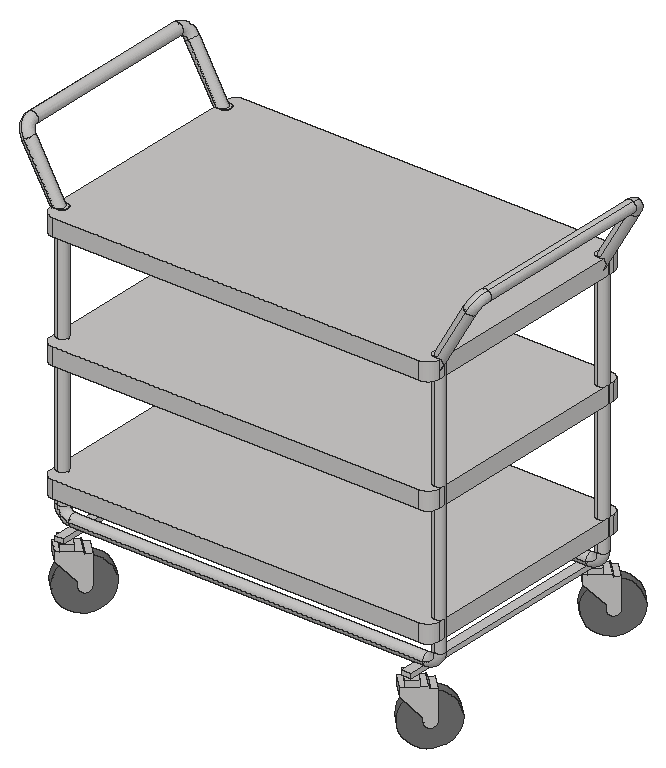
Revit family "QF_Vollrath_97168", category Specialty Equipment, Revit 2016
Family settings
  Part Type = Normal
  Round Connector Dimension = Use Diameter
  OmniClass Number = 23.40.40.14.17
  OmniClass Title = Food Cooking Equipment
  Work Plane-Based = No
  Always vertical = Yes
  Cut with Voids When Loaded = No
  Shared = No
  Room Calculation Point = No
Parameters (values of type "97168")
  Width [instance] = 40.50"
  Weight in Pounds = 730000
  Watermarked By = "http://revitwatermark.com"
  URL Cutsheet = ""
  URL = ""
  Status [instance] = ""
  Specification by User [instance] = ""
  Specification by Manufacturer [instance] = ""
  Serial Number [instance] = ""
  Seismic Rating [instance] = ""
  Revision Code [instance] = ""
  NAFEM Spec ID Number [instance] = ""
  Model = "97168"
  Masterspec = ""
  Manufacturer = "Vollrath"
  Item Number [instance] = "-"
  Installed By [instance] = ""
  Identify Quantity as Lot [instance] = no
  Furnished By [instance] = ""
  Foodservice Equipment Identifier [instance] = yes
  Description = "Cart, Utility"
  Depth [instance] = 21.00"
  CSI MasterFormat = "11 48 13"
  Assembly Code = "E1090320"
Reference planes (in)
  plane 1: z = 0
  plane 2 "LEFT": x = 0
  plane 3 "RIGHT": x = 40.5
  plane 4 "FRONT": y = -24.62
  plane 5 "BACK": y = -3.62
  plane 6 "TOP": z = 36.5
  plane 7: x = 3.8
  plane 8: x = 36.7
  plane 9: z = 5.6
  plane 10: z = 6
  plane 11: z = 8.7
  plane 12: z = 10.2
  plane 13: z = 29.2
  plane 14: z = 30.7
  plane 15: y = -14.12
  plane 16: y = -23.02
  plane 17: y = -5.22
  plane 18: x = 20.25
  plane 19: z = 19.1
  plane 20: z = 20.6
Forms (in)
  Sweep 1, solid, material "QF_Finishes_Stainless Steel"
    path origin (16.16378, -0.04782, 1.26776) x (0, 1, 0) y (0.493545, 0, -0.86972)
      loop
        line (-22.97218, -30.7) -> (-22.97218, -36.95172)
        arc (-22.97218, -36.95172) -> (-22.67928, -37.65883) -> (-21.97218, -37.95172) r 1
        line (-21.97218, -37.95172) -> (-6.17218, -37.95172)
        arc (-6.17218, -37.95172) -> (-5.46507, -37.65883) -> (-5.17218, -36.95172) r 1
        line (-5.17218, -36.95172) -> (-5.17218, -30.7)
    profile origin (-0.53081, -23.02, 30.6868) x (0, 1, 0) y (-0.86972, 0, -0.493545)
      loop
        circle (0, -3.5) r 0.5
  Extrusion 2, solid, material "QF_Finishes_Stainless Steel"
    sketch origin (1.26549, 0, 16.75) x (-1, 0, 0) y (0, -1, 0)
      loop
        line (-3.40691, 3.85981) -> (-3.40691, 24.75491) -> (-4.1621, 24.75491) -> (-4.1621, 3.85981) -> (-3.40691, 3.85981)
      loop
        line (-33.51979, 3.85981) -> (-33.51979, 24.62) -> (-34.36107, 24.62) -> (-34.36107, 3.85981) -> (-33.51979, 3.85981)
    from -11.15 to -10.75
  Sweep 3, solid, material "QF_Finishes_Stainless Steel"
    path origin (0.07416, -4.72, 0) x (1, 0, 0) y (0, 0, -1)
      loop
        line (3.8, -30.7) -> (3.8, -7.51983)
        arc (3.8, -7.51983) -> (4.09289, -6.81273) -> (4.8, -6.51983) r 1
        line (4.8, -6.51983) -> (35.7, -6.51983)
        arc (35.7, -6.51983) -> (36.40711, -6.81273) -> (36.7, -7.51983) r 1
        line (36.7, -7.51983) -> (36.7, -30.7)
    profile origin (3.87416, -4.72, 19.10992) x (0, 1, 0) y (-1, 0, 0)
      loop
        circle (-0.5, 0) r 0.5
  Extrusion 4, solid, material "QF_Finishes_Stainless Steel"
    sketch origin (0, 0, 16.75) x (-1, 0, 0) y (0, -1, 0)
      loop
        arc (-4.35971, 3.62) -> (-3.6526, 3.91289) -> (-3.35971, 4.62) r 1
        line (-3.35971, 4.62) -> (-3.35971, 23.62)
        arc (-3.35971, 23.62) -> (-3.6526, 24.32711) -> (-4.35971, 24.62) r 1
        line (-4.35971, 24.62) -> (-36.2901, 24.62)
        arc (-36.2901, 24.62) -> (-36.99721, 24.32711) -> (-37.2901, 23.62) r 1
        line (-37.2901, 23.62) -> (-37.2901, 4.62)
        arc (-37.2901, 4.62) -> (-36.99721, 3.91289) -> (-36.2901, 3.62) r 1
        line (-36.2901, 3.62) -> (-4.35971, 3.62)
    from -8.05 to -6.55
  Extrusion 5, solid, material "QF_Finishes_Stainless Steel"
    sketch origin (0, 0, 37.25) x (-1, 0, 0) y (0, -1, 0)
      loop
        arc (-4.35971, 3.62) -> (-3.6526, 3.91289) -> (-3.35971, 4.62) r 1
        line (-3.35971, 4.62) -> (-3.35971, 23.62)
        arc (-3.35971, 23.62) -> (-3.6526, 24.32711) -> (-4.35971, 24.62) r 1
        line (-4.35971, 24.62) -> (-36.2901, 24.62)
        arc (-36.2901, 24.62) -> (-36.99721, 24.32711) -> (-37.2901, 23.62) r 1
        line (-37.2901, 23.62) -> (-37.2901, 4.62)
        arc (-37.2901, 4.62) -> (-36.99721, 3.91289) -> (-36.2901, 3.62) r 1
        line (-36.2901, 3.62) -> (-4.35971, 3.62)
    from -8.05 to -6.55
  Sweep 6, solid, material "QF_Finishes_Stainless Steel"
    path origin (0.07416, -23.52, 0) x (1, 0, 0) y (0, 0, 1)
      loop
        line (3.8, 30.7) -> (3.8, 7.51983)
        arc (3.8, 7.51983) -> (4.09289, 6.81273) -> (4.8, 6.51983) r 1
        line (4.8, 6.51983) -> (35.7, 6.51983)
        arc (35.7, 6.51983) -> (36.40711, 6.81273) -> (36.7, 7.51983) r 1
        line (36.7, 7.51983) -> (36.7, 30.7)
    profile origin (3.87416, -23.52, 19.10992) x (0, -1, 0) y (1, 0, 0)
      loop
        circle (-0.5, 0) r 0.5
  Sweep 7, solid, material "QF_Finishes_Stainless Steel"
    path origin (24.33265, -0.04782, 1.26776) x (0, 1, 0) y (0.493545, 0, 0.86972)
      loop
        line (-22.97218, 30.7) -> (-22.97218, 36.95172)
        arc (-22.97218, 36.95172) -> (-22.67928, 37.65883) -> (-21.97218, 37.95172) r 1
        line (-21.97218, 37.95172) -> (-6.17218, 37.95172)
        arc (-6.17218, 37.95172) -> (-5.46507, 37.65883) -> (-5.17218, 36.95172) r 1
        line (-5.17218, 36.95172) -> (-5.17218, 30.7)
    profile origin (41.02724, -23.02, 30.6868) x (0, -1, 0) y (0.86972, 0, -0.493545)
      loop
        circle (0, -3.5) r 0.5
  Extrusion 8, solid, material "QF_Finishes_Stainless Steel"
    sketch origin (0, 0, 27.15) x (-1, 0, 0) y (0, -1, 0)
      loop
        arc (-4.35971, 3.62) -> (-3.6526, 3.91289) -> (-3.35971, 4.62) r 1
        line (-3.35971, 4.62) -> (-3.35971, 23.62)
        arc (-3.35971, 23.62) -> (-3.6526, 24.32711) -> (-4.35971, 24.62) r 1
        line (-4.35971, 24.62) -> (-36.2901, 24.62)
        arc (-36.2901, 24.62) -> (-36.99721, 24.32711) -> (-37.2901, 23.62) r 1
        line (-37.2901, 23.62) -> (-37.2901, 4.62)
        arc (-37.2901, 4.62) -> (-36.99721, 3.91289) -> (-36.2901, 3.62) r 1
        line (-36.2901, 3.62) -> (-4.35971, 3.62)
    from -8.05 to -6.55
Lines and regions (in)
  symbolic lines
    curve 1: line (3.35971, -5.62, 16.75) -> (3.35971, -22.53132, 16.75)
    curve 2: arc (3.8, -5.62, 16.75) -> (4.29518, -5.12482, 16.75) -> (3.8, -4.62963, 16.75) r 0.49518
    curve 3: line (36.71242, -4.70809, 16.75) -> (37.32038, -4.70809, 16.75)
    curve 4: arc (1.406, -23.68491, 16.75) -> (0.34495, -23.20596, 16.75) -> (0.00228, -22.0934, 16.75) r 1.4148
    curve 5: line (0.00228, -22.0934, 16.75) -> (0.00228, -6.22447, 16.75)
    curve 6: arc (0.00228, -6.22447, 16.75) -> (0.24856, -5.30406, 16.75) -> (0.92158, -4.62963, 16.75) r 1.84305
    curve 7: line (0.92158, -4.62963, 16.75) -> (3.8, -4.62963, 16.75)
    curve 8: line (3.8, -5.62, 16.75) -> (3.35971, -5.62, 16.75)
    curve 9: line (3.35971, -5.62, 16.75) -> (1.10971, -5.62, 16.75)
    curve 10: line (1.10971, -5.62, 16.75) -> (1.10971, -22.53132, 16.75)
    curve 11: line (1.10971, -22.53132, 16.75) -> (3.87613, -22.53132, 16.75)
    curve 12: arc (3.87613, -23.68491, 16.75) -> (4.45292, -23.10811, 16.75) -> (3.87613, -22.53132, 16.75) r 0.57679
    curve 13: line (37.2901, -5.70809, 16.75) -> (37.2901, -22.53132, 16.75)
    curve 14: arc (36.71242, -5.70809, 16.75) -> (36.21242, -5.20809, 16.75) -> (36.71242, -4.70809, 16.75) r 0.5
    curve 15: arc (38.74073, -23.61431, 16.75) -> (39.74648, -23.3429, 16.75) -> (40.47913, -22.60237, 16.75) r 1.99915
    curve 16: line (40.47913, -22.60237, 16.75) -> (40.47913, -6.26088, 16.75)
    curve 17: arc (40.47913, -6.26088, 16.75) -> (40.24288, -5.36768, 16.75) -> (39.59593, -4.70809, 16.75) r 1.80661
    curve 18: line (39.59593, -4.70809, 16.75) -> (36.71242, -4.70809, 16.75)
    curve 19: line (36.71242, -5.70809, 16.75) -> (37.2901, -5.70809, 16.75)
    curve 20: line (37.2901, -5.70809, 16.75) -> (39.61548, -5.70809, 16.75)
    curve 21: line (39.61548, -5.70809, 16.75) -> (39.61548, -22.53132, 16.75)
    curve 22: line (39.61548, -22.53132, 16.75) -> (36.89251, -22.53132, 16.75)
    curve 23: arc (36.89251, -23.61431, 16.75) -> (36.35102, -23.07282, 16.75) -> (36.89251, -22.53132, 16.75) r 0.5415
    curve 24: arc (4.35971, -3.66267, 16.75) -> (3.67596, -3.94589, 16.75) -> (3.39274, -4.62963, 16.75) r 0.96697
    curve 25: line (36.27496, -3.66267, 16.75) -> (4.35971, -3.66267, 16.75)
    curve 26: arc (37.32038, -4.70809, 16.75) -> (37.01419, -3.96887, 16.75) -> (36.27496, -3.66267, 16.75) r 1.04542
    curve 27: line (4.35971, -24.60539, 16.75) -> (36.54375, -24.60539, 16.75)
    curve 28: arc (3.35971, -23.60539, 16.75) -> (3.6526, -24.31249, 16.75) -> (4.35971, -24.60539, 16.75) r 1
    curve 29: line (1.406, -23.68491, 16.75) -> (4.15496, -23.68491, 16.75)
    curve 30: line (36.89251, -23.61431, 16.75) -> (38.74073, -23.61431, 16.75)
    curve 31: arc (36.2901, -24.62, 16.75) -> (36.99721, -24.32711, 16.75) -> (37.2901, -23.62, 16.75) r 1
Dimensions and locks (in)
  plane 3 "RIGHT" to plane 2 "LEFT" = 40.50"
  locked: plane 8 to plane 3 "RIGHT" at 3.8
  plane 4 "FRONT" to plane 15 = 10.50"
  equal spacing: plane 4 "FRONT", plane 15, plane 5 "BACK"
  plane 9 to level = 5.60"
  plane 10 to plane 9 = 0.40"
  plane 11 to plane 10 = 2.70"
  plane 12 to plane 11 = 1.50"
  plane 14 to plane 13 = 1.50"
  plane 6 "TOP" to plane 14 = 5.80"
  locked: plane 2 "LEFT" to plane 7 at 3.8
  plane 5 "BACK" to plane 17 = 1.60"
  locked: plane 4 "FRONT" to plane 16 at 1.6
  equal spacing: plane 2 "LEFT", plane 18, plane 3 "RIGHT"
  plane 6 "TOP" to level = 36.50"
  locked: plane 5 "BACK" to nested 4 at 0.5
  locked: nested 4 to plane 8 at 1.49407
  locked: nested 3 to plane 8 at 1.49407
  locked: plane 4 "FRONT" to nested 3 at 0.5
  locked: plane 4 "FRONT" to nested 2 at 0.5
  "Width": plane 2 "LEFT" to plane 3 "RIGHT"
  "Depth": plane 5 "BACK" to plane 4 "FRONT"
  aligned and locked: level to plane 1
Automatic sketch dimensions
  Sweep 1 sketch curve to plane 16 = 0.00"
  plane 17 to Sweep 1 sketch curve = 0.00"
  Sweep 1 sketch curve to plane 16 = 1.00"
  Sweep 1 sketch curve to plane 17 = 1.00"
  Sweep 1 sketch curve to Sweep 1 sketch curve = 6.25172"  (x2)
  profile plane to Sweep 1 sketch curve = 0.00"
  Sweep 1 sketch curve to profile plane = 3.50"
  plane 4 "FRONT" to Extrusion 2 sketch curve = 0.00"
  Extrusion 2 sketch curve to plane 5 "BACK" = 0.23981"  (x2)
  Extrusion 2 sketch curve to plane 8 = 1.07343"
  Extrusion 2 sketch curve to Extrusion 2 sketch curve = 0.84128"
  plane 7 to Extrusion 2 sketch curve = 1.6276"
  plane 4 "FRONT" to Extrusion 2 sketch curve = 0.13491"
  Extrusion 2 sketch curve to Extrusion 2 sketch curve = 0.7552"
  Sweep 3 sketch curve to plane 14 = 0.00"  (x2)
  plane 7 to Sweep 3 sketch curve = 0.07416"
  plane 10 to Sweep 3 sketch curve = 0.51983"
  plane 7 to Sweep 3 sketch curve = 1.07416"
  Sweep 3 sketch curve to plane 8 = 0.92584"
  plane 8 to Sweep 3 sketch curve = 0.07416"
  Sweep 3 sketch curve to profile plane = 0.00"
  Sweep 3 sketch curve to profile plane = 0.50"
  Extrusion 4 sketch curve to plane 5 "BACK" = 0.00"
  plane 4 "FRONT" to Extrusion 4 sketch curve = 0.00"
  plane 8 to Extrusion 4 sketch curve = 0.5901"
  Extrusion 4 sketch curve to plane 8 = 0.4099"  (x2)
  plane 7 to Extrusion 4 sketch curve = 0.55971"  (x2)
  Extrusion 4 sketch curve to plane 7 = 0.44029"
  Extrusion 5 sketch curve to plane 5 "BACK" = 0.00"
  plane 4 "FRONT" to Extrusion 5 sketch curve = 0.00"
  plane 8 to Extrusion 5 sketch curve = 0.5901"
  Extrusion 5 sketch curve to plane 8 = 0.4099"  (x2)
  plane 7 to Extrusion 5 sketch curve = 0.55971"  (x2)
  Extrusion 5 sketch curve to plane 7 = 0.44029"
  Sweep 6 sketch curve to plane 14 = 0.00"  (x2)
  plane 7 to Sweep 6 sketch curve = 0.07416"
  plane 10 to Sweep 6 sketch curve = 0.51983"
  plane 7 to Sweep 6 sketch curve = 1.07416"
  Sweep 6 sketch curve to plane 8 = 0.92584"
  plane 8 to Sweep 6 sketch curve = 0.07416"
  Sweep 6 sketch curve to profile plane = 0.00"
  Sweep 6 sketch curve to profile plane = 0.50"
  Sweep 7 sketch curve to plane 16 = 0.00"
  plane 17 to Sweep 7 sketch curve = 0.00"
  Sweep 7 sketch curve to plane 16 = 1.00"
  Sweep 7 sketch curve to Sweep 7 sketch curve = 1.00"
  Sweep 7 sketch curve to Sweep 7 sketch curve = 0.00"
  Sweep 7 sketch curve to Sweep 7 sketch curve = 6.25172"
  Sweep 7 sketch curve to profile plane = 0.00"
  Sweep 7 sketch curve to profile plane = 3.50"
  Extrusion 8 sketch curve to plane 5 "BACK" = 0.00"
  plane 4 "FRONT" to Extrusion 8 sketch curve = 0.00"
  plane 8 to Extrusion 8 sketch curve = 0.5901"
  Extrusion 8 sketch curve to plane 8 = 0.4099"  (x2)
  plane 7 to Extrusion 8 sketch curve = 0.55971"  (x2)
  Extrusion 8 sketch curve to plane 7 = 0.44029"
  curve 2 to plane 7 = 0.00"
  plane 7 to curve 12 = 0.07613"
  curve 11 to curve 12 = 0.00"
  curve 29 to curve 12 = 0.27883"
  curve 28 to plane 4 "FRONT" = 0.01461"
  plane 7 to curve 28 = 0.55971"
  plane 7 to curve 24 = 0.55971"
  curve 26 to plane 8 = 0.42504"
  plane 8 to curve 19 = 0.01242"
  plane 8 to curve 30 = 0.19251"
  curve 13 to curve 22 = 0.39759"
  curve 3 to curve 3 = 0.60796"
  curve 17 to curve 13 = 1.38242"
  curve 15 to curve 13 = 1.45063"
  curve 17 to plane 3 "RIGHT" = 0.90407"
  curve 20 to plane 3 "RIGHT" = 0.88452"
  curve 15 to plane 3 "RIGHT" = 0.02087"
  curve 2 to curve 24 = 0.40726"
  curve 1 to plane 7 = 0.44029"
  curve 28 to plane 7 = 0.44029"
  curve 1 to curve 6 = 1.51437"
  plane 16 to curve 29 = 0.66491"
  plane 2 "LEFT" to curve 29 = 1.406"
  curve 10 to plane 17 = 0.40"
  curve 6 to curve 10 = 0.73563"
  plane 2 "LEFT" to curve 7 = 0.92158"
  plane 2 "LEFT" to curve 4 = 0.00228"
  plane 17 to curve 14 = 0.01191"
  plane 17 to curve 2 = 0.09518"
  curve 15 to plane 16 = 1.40483"
  curve 4 to plane 16 = 0.9266"
  curve 12 to plane 16 = 0.48868"
  curve 13 to plane 16 = 0.48868"
  curve 15 to plane 16 = 0.41763"
  curve 27 to plane 8 = 0.15625"
  plane 4 "FRONT" to curve 31 = 0.00"
  curve 31 to curve 23 = 0.39759"
  curve 27 to curve 31 = 0.25364"
  radius of Sweep 1 sketch curve = 0.50"
  radius of Sweep 3 sketch curve = 0.50"
  radius of Sweep 6 sketch curve = 0.50"
  radius of Sweep 7 sketch curve = 0.50"
Nested families (in)
  nested 1: "FESCaster" at (5.05, -4.12, 0), type "FESCaster"
    with Height 5.60", Caster Radius 2.30"
  nested 2: "FESCaster" at (5.05, -24.12, 0), type "FESCaster"
    with Height 5.60", Caster Radius 2.30"
  nested 3: "FESCaster" at (35.20593, -24.12, 0), type "FESCaster"
    with Height 5.60", Caster Radius 2.30"
  nested 4: "FESCaster" at (35.20593, -4.12, 0), type "FESCaster"
    with Height 5.60", Caster Radius 2.30"
Definition of nested family "FESCaster"
  Parameters
    Watermarked By = "http://revitwatermark.com"
    Type Comments = "⍁⍉⌁⌀⏭⎽⌇⍠⌜⍉⎖⌥⌦⌯⍭⏊⍻⍿⍊⏵⍊⏗⏠⍴⎡⌈⎀⍠⌓⌤⏘⎐⍀⌐⏬⏁⎈⏍⏦⎒⏬⌝⍩⍇⌣〈⎫〉⎁⏊⍥⍖⍥⍝⍦⌖⍀⏌⏭⎝⎼⏷⏞⍻⏯⎽⏷⏞⍻⏯⎽⏷⎺⌻⎝⍎⌧⏷⏟⏿⌿⍜⍦⍤⌁⍬⏶⏎⍊⏚⏉⎞⌡⎀⎪⏈⌟⌿⍾⍼⌟⌿⌢⌞⏞⏝⌻⎸⎻⎷⎳⎻⎛⌞⌼⏚⍿⏸⍨⏷⍡⍺⏼⏅⎏⌽⌻⍽⎝⍮⎧⍏⏳⏲⎼⏈⏋⏙⎏⏽⏘⍹⏞⌜⏼⍴⏶⏮⏿⌁"
    Height [instance] = 6.00"
    Caster Radius [instance] = if(Height < 3.00", 1.00", (Height / 2) - 0.50")  # 2.50"
    Assembly Code = ""
  Reference planes (in)
    plane 1 "Center (Front/Back)": y = 0
    plane 2: z = 0
    plane 3 "Center (Left/Right)": x = 0
    plane 4: z = 6
    plane 5: z = 5.5
  Forms (in)
    Extrusion 1, solid
      sketch origin (-24.12131, -22.88887, 10.18833) x (0.707107, 0.707107, 0) y (0, 0, 1)
        loop
          line (34.98772, -7.68833) -> (34.98772, -4.93833) -> (34.48772, -4.93833) -> (34.39402, -4.68833) -> (32.39402, -4.68833) -> (32.39402, -5.43833) -> (33.98772, -7.34206) -> (33.98772, -7.68833)
          arc (33.98772, -7.68833) -> (34.48772, -8.18833) -> (34.98772, -7.68833) r 0.5
      from 0 to 1.75
    Extrusion 2, solid
      sketch origin (-24.32327, -23.09083, 13.31461) x (0.707107, 0.707107, 0) y (0, 0, 1)
        loop
          circle (34.77334, -10.81461) r 2.5
      from 0.375 to 1.375
    Extrusion 3, solid
      sketch origin (-7.24148, -8.48391, 0) x (0.707107, 0.707107, 0) y (0, 0, 1)
        loop
          line (10.61603, 5.5) -> (11.61603, 5.5) -> (11.61603, 6) -> (10.61603, 6) -> (10.61603, 5.5)
      from 0 to -1.75
  Lines and regions (in)
    symbolic lines
      curve 1: line (-1.26158, -0.51911, 0) -> (1.39007, 2.13254, 0)
      curve 2: line (-0.53429, -1.24639, 0) -> (2.11736, 1.40526, 0)
      curve 3: line (-1.26158, -0.51911, 0) -> (1.39007, 2.13254, 0)
      curve 4: line (-0.53429, -1.24639, 0) -> (2.11736, 1.40526, 0)
  Dimensions and locks (in)
    locked: plane 4 to plane 5 at 0.5
    "Height": plane 4 to level
    "Caster Radius": Extrusion 2 sketch curve to level
    "Caster Radius": Extrusion 1 sketch curve to level
    "Caster Radius": radius of Extrusion 2 sketch curve
    aligned and locked: plane 2 to level
    aligned and locked: Extrusion 3 to plane 5
    aligned and locked: plane 4 to Extrusion 3
    aligned and locked: plane 5 to Extrusion 1
  Automatic sketch dimensions
    plane 1 "Center (Front/Back)" to curve 3 = 0.51911"
    curve 3 to plane 3 "Center (Left/Right)" = 1.26158"
    plane 1 "Center (Front/Back)" to curve 1 = 0.51911"
    curve 1 to curve 3 = 0.00"  (x3)
    curve 4 to plane 3 "Center (Left/Right)" = 0.53429"
    curve 2 to curve 4 = 0.00"  (x2)
    plane 3 "Center (Left/Right)" to curve 3 = 1.39007"
    curve 1 to curve 4 = 0.72729"
    curve 2 to curve 1 = 0.72729"
    curve 4 to curve 2 = 0.00"  (x2)
    curve 2 to plane 1 "Center (Front/Back)" = 1.40526"
    curve 2 to curve 3 = 0.72729"
    plane 5 to Extrusion 1 sketch curve = 0.00"
    Extrusion 1 sketch curve to Extrusion 1 sketch curve = 1.5937"
    Extrusion 1 sketch curve to Extrusion 1 sketch curve = 2.00"
    Extrusion 1 sketch curve to Extrusion 1 sketch curve = 0.0937"
    Extrusion 1 sketch curve to Extrusion 1 sketch curve = 0.50"
    Extrusion 1 sketch curve to Extrusion 1 sketch curve = 0.34627"
    Extrusion 1 sketch curve to plane 5 = 0.75"
    Extrusion 1 sketch curve to plane 5 = 0.25"
    Extrusion 3 sketch curve to plane 5 = 0.00"
    plane 4 to Extrusion 3 sketch curve = 0.00"
    Extrusion 3 sketch curve to Extrusion 3 sketch curve = 1.00"
